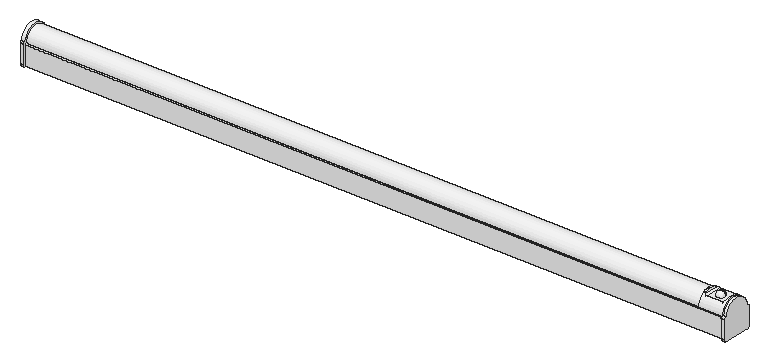
Revit family "0045219 Feilo Sylvania Lighting Fixture SYLBATTEN LED8 NW TP3 PIR", category Lighting Fixtures, host Face, Revit 2017
Family settings
  Host = Face
  Round Connector Dimension = Use Diameter
  Part Type = Normal
  OmniClass Number = 23.80.70.00
  OmniClass Title = Lighting
  Cut with Voids When Loaded = No
  Light Source = Yes
  Shared = No
  Room Calculation Point = No
Parameters (values of type "0045219 SYLBATTEN LED8 NW TP3 PIR")
  Width_FEILO = 66 mm
  Weight = "3.272 kg"
  Wattage Comments = "n/a"
  Wattage = 79 W
  WarrantyStartDate [instance] = "n/a"
  WarrantyGuarantorParts = "n/a"
  WarrantyDurationUnit = "n/a"
  WarrantyDurationParts = "n/a"
  WarrantyDescription = "n/a"
  built-in parameter 1150110 = 1 (stored number, unit not read)
  Voltage = 230 V
  URL = "http://www.sylvania-lighting.com"
  TypeName = "SYLBATTEN LED8 NW TP3 PIR"
  Type Image = <None>
  Type Comments = "n/a"
  built-in parameter 1114217 = 1 (stored number, unit not read)
  Tilt Angle = -90.00°
  built-in parameter 1150109 = 1 (stored number, unit not read)
  built-in parameter 1150134 = 12
  SymReflector_FEILO = no
  built-in parameter 1150113 = 1 (stored number, unit not read)
  SerialNumber [instance] = "n/a"
  RadiusPIR_FEILO = 9 mm
  RadiusDiffuser_FEILO = 27 mm
  PowerFactor = 0
  PowerConsumption = "79 W"
  Photometric Web File = "0045219.ies"
  NominalLength = 1605 mm
  NominalHeight = 76 mm
  NominalDepth = 66 mm
  Name = "SYLBATTEN LED8 NW TP3 PIR"
  ModelReference = Name  # "SYLBATTEN LED8 NW TP3 PIR"
  ModelNumber = "0045219"
  Model = Name  # "SYLBATTEN LED8 NW TP3 PIR"
  Material_4_FEILO = Reflector-Sylvania-Sylbatten-White
  Material_3_FEILO = Diffuser-Sylvania-Sylbatten-Glow
  Material_2_FEILO = Body-Sylvania-Sylbatten-White
  Material_1_FEILO = Body-Sylvania-Sylbatten-White
  Material = "sheet steel housing, polycarbonate diffuser"
  ManufacturerName = "Feilo Sylvania"
  Manufacturer = "Feilo Sylvania"
  LuminousEfficacy = "105.6 lm/W"
  built-in parameter 1150105 = 2349.5 (stored number, unit not read)
  Lumens = 8347.93 lm
  LuminaireType = ""
  built-in parameter 1150115 = 1 (stored number, unit not read)
  LightOutputRatio = "100"
  built-in parameter 1150137 = (empty or 0)
  built-in parameter 1150139 = (empty or 0)
  Length_FEILO = 1605 mm
  LampsType = Lamp  # "LED"
  LampNominalLuminous = "8348 lm"
  LampMacAdamStep = "n/a"
  LampColourTemperature = "4000 K"
  LampColourRenderingIndex = "80"
  built-in parameter 1150112 = 1 (stored number, unit not read)
  built-in parameter 1150114 = 1 (stored number, unit not read)
  Lamp = "LED"
  Keynote = "16500"
  InstallationDate [instance] = "n/a"
  InputVoltage = "220-240V~"
  InputNominalFrequency = "n/a"
  built-in parameter 1150132 = (empty or 0)
  built-in parameter 1150102 = (empty or 0)
  built-in parameter 1150107 = 4000 (stored number, unit not read)
  built-in parameter 1150138 = (empty or 0)
  IngressProtection = "IP20"
  ImpactProtectionIndex = "IK07"
  built-in parameter 1150106 = 23.495 (stored number, unit not read)
  IfcExportType = "IfcLightFixtureType"
  IfcExportAs = "IfcLightFixtureType"
  Height_FEILO = 76 mm
  ExpectedLife = 50000
  Emit from Rectangle Width = Length_FEILO - 16 mm - 55 mm  # 1534 mm
  Emit from Rectangle Length = Width_FEILO - 40 mm  # 26 mm
  Emit Shape Visible in Rendering = no
  ElectricShockClassification = "Class I"
  built-in parameter 1150104 = 9.8171 (stored number, unit not read)
  DurationUnit = "hours"
  DocumentationLiterature = "http://www.sylvania-lighting.com/product/en-int/products/0045219"
  DimmingControlOptions = "n/a"
  Dimming Lamp Color Temperature Shift = <None>
  Description = "LED batten, T8 replacement, ease of installation through 2 part push-in design of the housing (safety cable included), through wiring capability (TP3 = 3 core), sheet steel, 8348LM, 79W, 106lm/W, 4000K, drive current: 450mA, CRI 80, 138° wide beam angle, electronic driver (non dimmable), with integrated PIR sensor, IP20, IK07, 50,000 hrs (L70), (LxWxH) 1505x66x76mm, 5 step MacAdam ellipse, 3.7kg, white RAL9016, Class 1, 220-240V, energy class: A++, A+, A."
  Default Elevation = 1219.2 mm
  CreatedOn = "2/1/2018"
  CreatedBy = ""
  Cost = 0
  Color Filter = 16777215
  built-in parameter 1114216 [instance] = (empty or 0)
  ClassificationValue = "EF_70_80"
  ClassificationName = "Uniclass2015"
  CapOffset_FEILO = 2 mm
  BarCode [instance] = "n/a"
  built-in parameter 1114218 = 1 (stored number, unit not read)
  BackReflector_FEILO = and(not(AsymReflector_FEILO), SymReflector_FEILO)  # no
  built-in parameter 1150133 = 10 (stored number, unit not read)
  FrontReflector_FEILO = or(AsymReflector_FEILO, SymReflector_FEILO)  # no
  AsymReflector_FEILO = no
  AssetType = "Fixed"
  AssetIdentifier [instance] = "n/a"
  Assembly Code = "D5020200"
  Apparent Load = 79 VA
Reference planes
  plane 1 "Center (Front/Back)": y = 0
  plane 2: z = 0
  plane 3 "Center (Left/Right)": x = 0
  plane 4: x = 802.5
  plane 5: x = -802.5
  plane 6: y = 33
  plane 7: y = -33
  plane 8: z = 76
  plane 9: z = 47
  plane 10: y = -29
  plane 11: y = 29
  plane 12: z = 20
  plane 13: z = 74
  plane 14: y = -31
  plane 15: y = -27
  plane 16: y = 27
  plane 17: y = 31
  plane 18: z = 2
  plane 19: x = -794.5
  plane 20: x = 794.5
  plane 21: z = 49
  plane 22: y = 1
  plane 23: y = -1
  plane 24: z = 21
  plane 25: z = 19
  plane 26: y = -61
  plane 27: y = 61
  plane 28: y = -56
  plane 29: y = 56
  plane 30: z = 91
  plane 31: z = 88
  plane 32: x = 739.5
  plane 33: x = 745.5
  plane 34: x = 788.5
  plane 35: z = 69
  plane 36: x = 767
  plane 37: x = -27.5
Forms (mm)
  Extrusion 1, solid, material "Body-Sylvania-Sylbatten-White" <- "Material_2_FEILO"
    sketch origin (0, 0, 0) x (0, 1, 0) y (0, 0, 1)
      loop
        line (-31, 2) -> (31, 2) -> (31, 45)
        arc (31, 45) -> (30.414, 46.414) -> (29, 47) r 2
        line (29, 47) -> (-29, 47)
        arc (-29, 47) -> (-30.414, 46.414) -> (-31, 45) r 2
        line (-31, 45) -> (-31, 2)
    from -794.5 to 794.5
  Extrusion 2, solid, material "Body-Sylvania-Sylbatten-White" <- "Material_2_FEILO"
    sketch origin (802.5, 1524, 1219.2) x (0, 1, 0) y (0, 0, 1)
      loop
        arc (-1494, -1219.2) -> (-1491.879, -1218.321) -> (-1491, -1216.2) r 3
        line (-1491, -1216.2) -> (-1491, -1173.2)
        arc (-1491, -1173.2) -> (-1491.879, -1171.079) -> (-1494, -1170.2) r 3
        line (-1494, -1170.2) -> (-1495.069, -1170.2)
        arc (-1495.069, -1170.2) -> (-1524, -1143.2) -> (-1552.931, -1170.2) r 29
        line (-1552.931, -1170.2) -> (-1554, -1170.2)
        arc (-1554, -1170.2) -> (-1556.121, -1171.079) -> (-1557, -1173.2) r 3
        line (-1557, -1173.2) -> (-1557, -1216.2)
        arc (-1557, -1216.2) -> (-1556.121, -1218.321) -> (-1554, -1219.2) r 3
        line (-1554, -1219.2) -> (-1494, -1219.2)
      loop
        arc (-1525, -1189.25) -> (-1531.071, -1192.129) -> (-1533.95, -1198.2) r 10
        line (-1533.95, -1198.2) -> (-1532.944, -1198.2)
        arc (-1532.944, -1198.2) -> (-1530.364, -1192.836) -> (-1525, -1190.256) r 9
        line (-1525, -1190.256) -> (-1525, -1189.25)
      loop
        arc (-1523, -1190.256) -> (-1517.636, -1192.836) -> (-1515.056, -1198.2) r 9
        line (-1515.056, -1198.2) -> (-1514.05, -1198.2)
        arc (-1514.05, -1198.2) -> (-1516.929, -1192.129) -> (-1523, -1189.25) r 10
        line (-1523, -1189.25) -> (-1523, -1190.256)
      loop
        line (-1532.944, -1200.2) -> (-1533.95, -1200.2)
        arc (-1533.95, -1200.2) -> (-1531.071, -1206.271) -> (-1525, -1209.15) r 10
        line (-1525, -1209.15) -> (-1525, -1208.144)
        arc (-1525, -1208.144) -> (-1530.364, -1205.564) -> (-1532.944, -1200.2) r 9
      loop
        arc (-1515.056, -1200.2) -> (-1517.636, -1205.564) -> (-1523, -1208.144) r 9
        line (-1523, -1208.144) -> (-1523, -1209.15)
        arc (-1523, -1209.15) -> (-1516.929, -1206.271) -> (-1514.05, -1200.2) r 10
        line (-1514.05, -1200.2) -> (-1515.056, -1200.2)
    from 0 to -8
  Extrusion 3, solid, material "Body-Sylvania-Sylbatten-White" <- "Material_2_FEILO"
    sketch origin (-802.5, 1524, 1219.2) x (0, 1, 0) y (0, 0, 1)
      loop
        arc (-1495.069, -1170.2) -> (-1524, -1143.2) -> (-1552.931, -1170.2) r 29
        line (-1552.931, -1170.2) -> (-1554, -1170.2)
        arc (-1554, -1170.2) -> (-1556.121, -1171.079) -> (-1557, -1173.2) r 3
        line (-1557, -1173.2) -> (-1557, -1216.2)
        arc (-1557, -1216.2) -> (-1556.121, -1218.321) -> (-1554, -1219.2) r 3
        line (-1554, -1219.2) -> (-1494, -1219.2)
        arc (-1494, -1219.2) -> (-1491.879, -1218.321) -> (-1491, -1216.2) r 3
        line (-1491, -1216.2) -> (-1491, -1173.2)
        arc (-1491, -1173.2) -> (-1491.879, -1171.079) -> (-1494, -1170.2) r 3
        line (-1494, -1170.2) -> (-1495.069, -1170.2)
      loop
        line (-1533.95, -1198.2) -> (-1532.944, -1198.2)
        arc (-1532.944, -1198.2) -> (-1530.364, -1192.836) -> (-1525, -1190.256) r 9
        line (-1525, -1190.256) -> (-1525, -1189.25)
        arc (-1525, -1189.25) -> (-1531.071, -1192.129) -> (-1533.95, -1198.2) r 10
      loop
        line (-1523, -1189.25) -> (-1523, -1190.256)
        arc (-1523, -1190.256) -> (-1517.636, -1192.836) -> (-1515.056, -1198.2) r 9
        line (-1515.056, -1198.2) -> (-1514.05, -1198.2)
        arc (-1514.05, -1198.2) -> (-1516.929, -1192.129) -> (-1523, -1189.25) r 10
      loop
        line (-1514.05, -1200.2) -> (-1515.056, -1200.2)
        arc (-1515.056, -1200.2) -> (-1517.636, -1205.564) -> (-1523, -1208.144) r 9
        line (-1523, -1208.144) -> (-1523, -1209.15)
        arc (-1523, -1209.15) -> (-1516.929, -1206.271) -> (-1514.05, -1200.2) r 10
      loop
        line (-1525, -1209.15) -> (-1525, -1208.144)
        arc (-1525, -1208.144) -> (-1530.364, -1205.564) -> (-1532.944, -1200.2) r 9
        line (-1532.944, -1200.2) -> (-1533.95, -1200.2)
        arc (-1533.95, -1200.2) -> (-1531.071, -1206.271) -> (-1525, -1209.15) r 10
    from 0 to 8
  Extrusion 4, solid, material "Reflector-Sylvania-Sylbatten-White" <- "Material_4_FEILO", visible <- "FrontReflector_FEILO"
    sketch origin (0, 0, 0) x (0, 1, 0) y (0, 0, 1)
      loop
        line (-61.257, 88.429) -> (-60.743, 87.571) -> (-56.621, 90.044)
        arc (-56.621, 90.044) -> (-56.237, 90.099) -> (-55.929, 89.863) r 0.5
        line (-55.929, 89.863) -> (-31.435, 46.753) -> (-30.565, 47.247) -> (-55.312, 90.802)
        arc (-55.312, 90.802) -> (-55.928, 91.275) -> (-56.696, 91.165) r 1
        line (-56.696, 91.165) -> (-61.257, 88.429)
    from -794.5 to 794.5
  Extrusion 5, solid, material "Reflector-Sylvania-Sylbatten-White" <- "Material_4_FEILO", visible <- "BackReflector_FEILO"
    sketch origin (0, 0, 0) x (0, 1, 0) y (0, 0, 1)
      loop
        line (30.565, 47.247) -> (31.435, 46.753) -> (55.932, 89.868)
        arc (55.932, 89.868) -> (56.245, 90.112) -> (56.638, 90.062) r 0.518
        line (56.638, 90.062) -> (61.033, 87.565) -> (61.527, 88.435) -> (56.682, 91.188)
        arc (56.682, 91.188) -> (55.922, 91.282) -> (55.318, 90.812) r 1
        line (55.318, 90.812) -> (30.565, 47.247)
    from -794.5 to 794.5
  Extrusion 6, solid, material "Diffuser-Sylvania-Sylbatten-Glow" <- "Material_3_FEILO"
    sketch origin (0, 0, 0) x (0, 1, 0) y (0, 0, 1)
      loop
        arc (27, 47) -> (0, 74) -> (-27, 47) r 27
        line (-27, 47) -> (27, 47)
    from -794.5 to 739.5
  Extrusion 7, solid, material "Body-Sylvania-Sylbatten-White" <- "Material_2_FEILO"
    sketch origin (739.5, 1524, 1219.2) x (0, 1, 0) y (0, 0, 1)
      loop
        arc (-1495, -1172.2) -> (-1524, -1143.2) -> (-1553, -1172.2) r 29
        line (-1553, -1172.2) -> (-1495, -1172.2)
    from 0 to 55
  Extrusion 8, void
    sketch origin (0, 0, 0) x (1, 0, 0) y (0, 0, 1)
      loop
        line (748.432, 69) -> (785.568, 69)
        arc (785.568, 69) -> (787.933, 69.774) -> (789.383, 71.795) r 4
        line (789.383, 71.795) -> (794.5, 88) -> (739.5, 88) -> (744.617, 71.795)
        arc (744.617, 71.795) -> (746.067, 69.774) -> (748.432, 69) r 4
    from -27 to 27
  Revolve 9, solid, material "Body-Sylvania-Sylbatten-White" <- "Material_2_FEILO"
    sketch origin (0, 0, 0) x (1, 0, 0) y (0, 0, 1)
      loop
        arc (776, 69) -> (773.364, 75.364) -> (767, 78) r 9
        line (767, 78) -> (767, 69) -> (776, 69)
      axis (767, 78) -> (767, 69)
    angle from 360 to 0
Cuts and joins
  Extrusion 8 cuts Extrusion 7
Lines and regions (mm)
  reference lines
    curve 1: line (0, -61, 88) -> (0, -56, 91)
    curve 2: line (0, -56, 91) -> (0, -31, 47)
    curve 3: line (0, 31, 47) -> (0, 56, 91)
    curve 4: line (0, 56, 91) -> (0, 61.28, 88)
Dimensions and locks
  equal spacing: plane 5, plane 3 "Center (Left/Right)", plane 4
  equal spacing: plane 7, plane 1 "Center (Front/Back)", plane 6
  "Width_FEILO": plane 7 to plane 6
  "Length_FEILO": plane 5 to plane 4
  "Height_FEILO": plane 8 to plane 2
  locked: plane 9 to plane 8 at 29
  equal spacing: plane 10, plane 1 "Center (Front/Back)", plane 11
  locked: plane 7 to plane 10 at 4
  locked: plane 12 to plane 2 at 20
  "CapOffset_FEILO": plane 13 to plane 8
  "CapOffset_FEILO": plane 7 to plane 14
  "CapOffset_FEILO": plane 10 to plane 15
  "CapOffset_FEILO": plane 17 to plane 6
  "CapOffset_FEILO": plane 16 to plane 11
  "CapOffset_FEILO": plane 18 to plane 2
  locked: plane 14 to Extrusion 1 sketch curve at 2
  locked: Extrusion 1 sketch curve to plane 9 at 2  (x2)
  locked: plane 16 to Extrusion 1 sketch curve at 2
  equal spacing: plane 19, plane 3 "Center (Left/Right)", plane 20
  locked: plane 5 to plane 19 at 8
  "CapOffset_FEILO": plane 9 to plane 21
  locked: Extrusion 2 sketch curve to plane 2 at 47
  locked: Extrusion 2 sketch curve to plane 2 at 3  (x2)
  locked: plane 7 to Extrusion 2 sketch curve at 3  (x2)
  locked: Extrusion 2 sketch curve to plane 6 at 3  (x2)
  locked: Extrusion 2 sketch curve to plane 21 at 3  (x2)
  equal spacing: plane 23, plane 1 "Center (Front/Back)", plane 22
  equal spacing: plane 25, plane 12, plane 24
  plane 30 to plane 31 to plane 2 = 3 mm locked, 88 mm locked
  plane 28 to plane 29 = 112 mm
  plane 26 to plane 27 = 122 mm
  locked: plane 32 to plane 20 at 55
  plane 20 to plane 34 = 6 mm
  plane 33 to plane 32 = 6 mm
  plane 21 to plane 35 = 20 mm
  locked: Extrusion 8 sketch curve to plane 35 at 4  (x2)
  locked: Extrusion 8 sketch curve to plane 33 at 2.932
  locked: plane 34 to Extrusion 8 sketch curve at 2.932
  equal spacing: plane 34, plane 36, plane 33
  locked: plane 37 to plane 3 "Center (Left/Right)" at 27.5
  "RadiusDiffuser_FEILO": radius of Extrusion 6 sketch curve
  "RadiusPIR_FEILO": radius of Revolve 9 sketch curve
  aligned and locked: plane 2 to host face
  aligned and locked: level to host face
  aligned and locked: plane 18 to Extrusion 1 sketch curve
  aligned and locked: plane 14 to Extrusion 1 sketch curve
  aligned and locked: Extrusion 1 sketch curve to plane 9
  aligned and locked: Extrusion 1 sketch curve to plane 17
  aligned and locked: plane 20 to Extrusion 1
  aligned and locked: level to Extrusion 2 sketch curve
  aligned and locked: Extrusion 2 sketch curve to plane 7
  aligned and locked: plane 21 to Extrusion 2 sketch curve
  aligned and locked: Extrusion 2 sketch curve to plane 21
  aligned and locked: plane 1 "Center (Front/Back)" to Extrusion 2 sketch curve  (x3)
  aligned and locked: Extrusion 2 to Extrusion 1
  aligned and locked: plane 4 to Extrusion 2
  aligned and locked: plane 12 to Extrusion 2 sketch curve  (x2)
  aligned and locked: Extrusion 2 sketch curve to plane 22
  aligned and locked: Extrusion 2 sketch curve to plane 23
  aligned and locked: Extrusion 2 sketch curve to plane 24
  aligned and locked: Extrusion 2 sketch curve to plane 25
  aligned and locked: plane 25 to Extrusion 2 sketch curve
  aligned and locked: plane 22 to Extrusion 2 sketch curve
  aligned and locked: plane 24 to Extrusion 2 sketch curve
  aligned and locked: plane 23 to Extrusion 2 sketch curve  (x2)
  aligned and locked: Extrusion 3 sketch curve to Extrusion 2  (x22)
  aligned and locked: Extrusion 3 to Extrusion 1
  aligned and locked: Extrusion 3 to plane 5
  aligned and locked: plane 19 to Extrusion 3
  aligned and locked: plane 31 to curve 1
  aligned and locked: plane 30 to curve 1
  aligned and locked: plane 14 to curve 2
  aligned and locked: plane 9 to curve 2
  aligned and locked: plane 17 to curve 3
  aligned and locked: plane 30 to curve 3
  aligned and locked: plane 31 to curve 4
  aligned and locked: Extrusion 4 sketch curve to curve 2
  aligned and locked: Extrusion 4 sketch curve to curve 1
  aligned and locked: Extrusion 4 to Extrusion 1
  aligned and locked: Extrusion 1 to Extrusion 4
  aligned and locked: imposter light to plane 1 "Center (Front/Back)"
  aligned and locked: imposter light to plane 13
  aligned and locked: Extrusion 5 sketch curve to curve 4
  aligned and locked: Extrusion 5 sketch curve to curve 3
  aligned and locked: Extrusion 1 to Extrusion 5
  aligned and locked: Extrusion 5 to Extrusion 1
  aligned and locked: plane 9 to Extrusion 6 sketch curve  (x3)
  aligned and locked: plane 15 to Extrusion 6 sketch curve
  aligned and locked: plane 32 to Extrusion 6
  aligned and locked: Extrusion 1 to Extrusion 6
  aligned and locked: Extrusion 1 to Extrusion 7
  aligned and locked: Extrusion 7 to plane 32
  aligned and locked: Extrusion 7 sketch curve to Extrusion 2
  aligned and locked: Extrusion 7 sketch curve to Extrusion 1
  aligned and locked: Extrusion 1 to Extrusion 7 sketch curve
  aligned and locked: plane 35 to Extrusion 8 sketch curve
  aligned and locked: plane 15 to Extrusion 8
  aligned and locked: Extrusion 8 to plane 16
  aligned and locked: plane 31 to Extrusion 8 sketch curve  (x2)
  aligned and locked: plane 32 to Extrusion 8 sketch curve
  aligned and locked: plane 20 to Extrusion 8 sketch curve
  aligned and locked: Revolve 9 sketch curve to plane 36  (x2)
  aligned and locked: cut or joined group of Extrusion 7, Extrusion 8 to Revolve 9 sketch curve
  aligned and locked: imposter light to plane 37
Automatic sketch dimensions
  host sketch curve to host sketch curve = 2438.4 mm  (x2)
  Extrusion 2 sketch curve to Extrusion 2 sketch curve = 0 mm  (x14)
  Extrusion 2 sketch curve to plane 10 = 0.069 mm
  plane 23 to Extrusion 2 sketch curve = 8.95 mm
  Extrusion 2 sketch curve to Extrusion 2 sketch curve = 1.006 mm  (x4)
  Extrusion 2 sketch curve to plane 22 = 7.944 mm
  curve 1 to plane 26 = 0 mm
  curve 2 to plane 28 = 0 mm
  curve 4 to plane 29 = 0 mm
  plane 9 to curve 3 = 0 mm
  plane 26 to Extrusion 4 sketch curve = 0.257 mm
  Extrusion 4 sketch curve to plane 26 = 0.257 mm
  Extrusion 4 sketch curve to plane 30 = 0.165 mm
  plane 28 to Extrusion 4 sketch curve = 0.696 mm
  plane 28 to Extrusion 4 sketch curve = 0.621 mm
  plane 28 to Extrusion 4 sketch curve = 0.364 mm
  plane 28 to Extrusion 4 sketch curve = 0.182 mm
  Extrusion 4 sketch curve to plane 28 = 0.071 mm
  plane 30 to Extrusion 4 sketch curve = 0.198 mm
  Extrusion 4 sketch curve to plane 28 = 0.688 mm
  plane 9 to Extrusion 4 sketch curve = 0.247 mm
  plane 1 "Center (Front/Back)" to Extrusion 4 sketch curve = 31.435 mm
  Extrusion 5 sketch curve to plane 9 = 0.247 mm
  Extrusion 5 sketch curve to plane 1 "Center (Front/Back)" = 30.565 mm
  plane 9 to Extrusion 5 sketch curve = 0.247 mm
  plane 30 to Extrusion 5 sketch curve = 0.188 mm
  plane 29 to Extrusion 5 sketch curve = 0.068 mm
  Extrusion 5 sketch curve to plane 29 = 0.188 mm
  Extrusion 5 sketch curve to plane 29 = 0.382 mm
  Extrusion 5 sketch curve to Extrusion 5 sketch curve = 0.256 mm
  Extrusion 5 sketch curve to plane 30 = 0.188 mm
  Extrusion 5 sketch curve to plane 29 = 0.682 mm
  Extrusion 5 sketch curve to plane 27 = 0.033 mm
  Extrusion 5 sketch curve to plane 27 = 0.527 mm
  Extrusion 8 sketch curve to plane 33 = 0.883 mm
  plane 34 to Extrusion 8 sketch curve = 0.883 mm
  Revolve 9 sketch curve to plane 35 = 0 mm
  Revolve 9 sketch curve to plane 30 = 2347.4 mm
Connectors
  electrical at (0, 0, 0), driven by "Apparent Load", driven by "PowerFactor", driven by "Voltage"
    settings: index 1, voltage 230 V, apparent load 79 VA, apparent load phase1 0 VA, apparent load phase2 0 VA, apparent load phase3 0 VA, power factor 0, load classification "Lighting", number of poles 1, system type 30, power factor state 1, is connector primary yes, connector utility no, sub classification motor no, connector description ""
